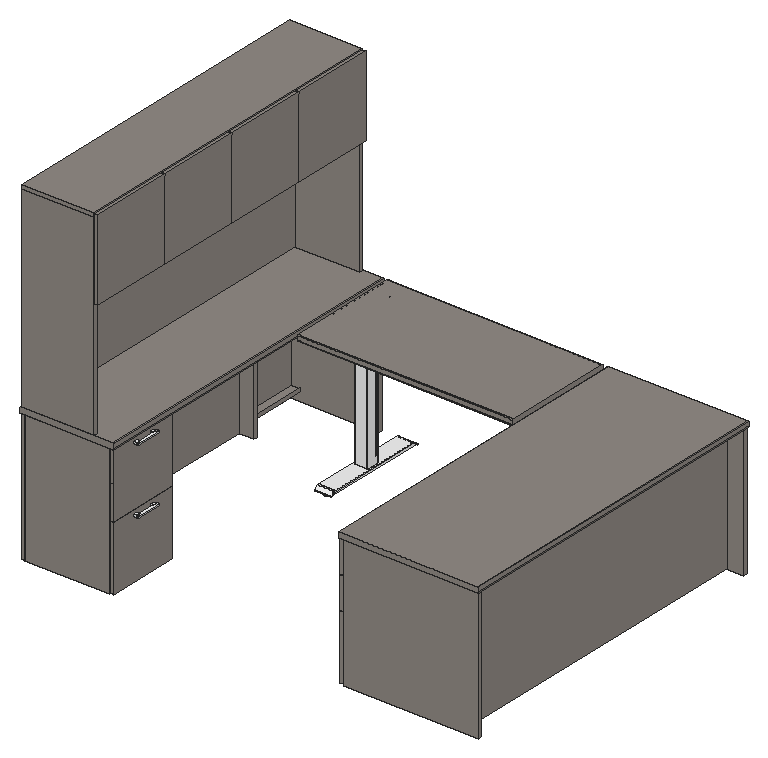
Revit family "JSI-Vision-Typical_Veneer-VST018-", category Furniture, Revit 2020
Family settings
  OmniClass Number = 23.40.20.00
  OmniClass Title = General Furniture and Specialties
  Work Plane-Based = No
  Always vertical = Yes
  Cut with Voids When Loaded = No
  Shared = No
  Room Calculation Point = No
Parameters (values of type "VST018")
  URL = "www.jsifurniture.com"
  Type Comments = "Typical Laminate"  # constant formula
  Model = "VST018"
  Manufacturer = "JSI"  # constant formula
  Keynote = "12500"
  Default Elevation = 0"
  Assembly Code = "E2020200"
Reference planes (in)
  plane 1 "Center Front/Back": y = 0
  plane 2: z = 0
  plane 3 "Center Left/Right": x = 0
Dimensions and locks (in)
  aligned and locked: level to plane 2
Nested families (in)
  nested 1: "JSI-Vision-File_File_Credenza" at (10.75, -35.93587, 0) x (0, 1, 0) z (0, 0, 1), type "VSV2072LC - Veneer 20 x 72 FF Ped Credenza Left"
    with Width 72", Height 29.187", Panel B 56 1/4"
  nested 2: "JSI-Vision-Single_Pedestal_Desk-Recessed_Modesty" at (87.24997, -36.06413, 0) x (0, -1, 0) z (0, 0, 1), type "VSV3072RDF, Veneer 30 x 72 Right Ped Desk, Recess Modesty"
    with Width 72", Panel BBF 56 1/4", LR no, Grommet angle 270.00°, Grommet 56 79/128", BBF 56 1/4"
  nested 3: "JSI-Vision-Overhead_Cabinets" at (0, -72, -0.813) x (0, 1, 0) z (0, 0, 1), type "VSV1672SO, Veneer OH Cab. 16" x 72", 4 Doors"
    with Verticall Partition Distance 35 3/4", Unit Centre 36", Width 72", Door Width Actual 17 25/32", Door Array Spacing 17 29/32", Door Width 17 25/32", # of Doors 4
  nested 4: "JSI-Vision-Adjustable_Table_Height_Bridge-Standard_Range" at (20.87997, 0, 0), type "VSV2446AHB-S - Adjustable Height Table Standard Range 46"W x 24"D"
Definition of nested family "JSI-Vision-File_File_Credenza"
  Parameters (values of type "Type Catalog")
    Worksurface = none
    Width = 60"
    URL = "www.jsifurniture.com"
    Type Comments = ""
    Tag = "FF"  # constant formula
    Series = "Vision Casegoods"  # constant formula
    Pull Finish = none
    Panel R = if(LR, Depth - 1/4", Depth - 15/16")  # 19 3/4"
    Panel L = if(LR, Depth - 15/16", Depth - 1/4")  # 19 1/16"
    Panel FF = if(LR, 15", Width - 15 3/4")  # 15"
    Model = "Type Catalog"
    Material = ""
    Manufacturer = "JSI"  # constant formula
    LR = yes
    Keynote = "12500"
    JSI Enviromental Website = "http://www.jsifurniture.com/jsi_sustainability_intro.php"
    Height = 29 3/16"
    Grommet angle = if(LR, 90.00°, 270.00°)  # 90.00°
    Grommet Finish = none
    Panel B = if(LR, Width - 15 3/4", 15")  # 44 1/4"
    Grommet = if(LR, 14 1/2", Width - 15 49/128")  # 14 1/2"
    Drawer Front = none
    Description = "Type Catalog"
    Depth chassis = Depth  # 20"
    Depth = 20"
    Default Elevation = 0"
    Chassis = none
    FF = if(LR, 3/16", Width - 15 3/4" + 1/16")  # 3/16"
    Assembly Code = "E2020200"
  Reference planes (in)
    plane 1: z = 0
    plane 2 "Center (Left/Right)": x = -36.06413
    plane 3: z = 29.1875
    plane 4: z = 28
    plane 5: y = -9.25
    plane 6 "Center (Front/Back)": y = 10.75
    plane 7: y = 10.625
    plane 8: y = 10.75
    plane 9: x = -6.06413
    plane 10: x = 23.93587
    plane 11: y = 10.56003
    plane 12: x = -20.31413
    plane 13: x = 8.18587
    plane 14: y = -8.37
    plane 15: x = 15.93587
    plane 16: x = -28.12663
    plane 17: x = 23.81086
    plane 18: x = -35.93913
    plane 19: y = 8.875
    plane 20: y = 4.875
    plane 21: y = 9.8125
    plane 22: y = -8.31113
    plane 23: x = 8.18587
    plane 24: x = -35.87663
    plane 25: x = -20.37636
    plane 26: x = 23.68487
    plane 27: x = -21.56413
    plane 28: y = 6.875
    plane 29: y = -9
    plane 30: y = -8.3125
  Forms (in)
    Extrusion 1, solid, material <- "Worksurface"
      sketch origin (0, 0, -0.8125) x (1, 0, 0) y (0, 1, 0)
        loop
          line (-36.06413, -9.125) -> (23.93587, -9.125) -> (23.93587, 10.625) -> (-36.06413, 10.625) -> (-36.06413, -9.125)
      from 28.8125 to 30
    Extrusion 2, solid, material <- "Drawer Front"
      sketch origin (-0.00163, 0.13, 0) x (1, 0, 0) y (0, 0, 1)
        loop
          line (-35.875, 27.875) -> (-35.875, 21.26593) -> (-35.875, 14.062) -> (-20.37473, 14.062) -> (-20.37473, 21.26593) -> (-20.37473, 27.875) -> (-35.875, 27.875)
        loop
          line (-35.875, 13.937) -> (-35.875, 0.14) -> (-20.37473, 0.14) -> (-20.37473, 13.937) -> (-35.875, 13.937)
      from 8.5 to 9.25
    Extrusion 3, solid, material <- "Chassis"
      sketch origin (-0.06413, 0, 0) x (0, 1, 0) y (0, 0, 1)
        loop
          line (-8.3125, 28) -> (-8.3125, 0) -> (9.81003, 0) -> (9.81003, 28) -> (-8.3125, 28)
      from -35.875 to -35.125
    Extrusion 4, solid, material <- "Chassis"
      sketch origin (-0.06413, 0.034, 0) x (1, 0, 0) y (0, 0, 1)
        loop
          line (-35.125, 1.9375) -> (-35.125, 0) -> (-21, 0) -> (-21, 1.9375) -> (-35.125, 1.9375)
      from 7.59513 to 8.34513
    Extrusion 5, solid, material <- "Chassis"
      sketch origin (-0.06029, 0, 0) x (0, 1, 0) y (0, 0, -1)
        loop
          line (-9, -28) -> (9.8125, -28) -> (9.8125, 0) -> (-9, 0) -> (-9, -28)
      from -23.87116 to -23.12116
    Sweep 6, solid, material <- "Worksurface"
      path in 3D
        loop
          line (-36.06413, -9.125, 29.1875) -> (23.93587, -9.125, 29.1875)
      profile origin (-6.06413, -9.125, 29.1875) x (0, 1, 0) y (0, 0, 1)
        loop
          arc (0, 0) -> (-0.08839, -0.03661) -> (-0.125, -0.125) r 0.125
          line (-0.125, -0.125) -> (-0.125, -1.0625)
          arc (-0.125, -1.0625) -> (-0.08839, -1.15089) -> (0, -1.1875) r 0.125
          line (0, -1.1875) -> (0, 0)
    Extrusion 7, solid, material <- "Chassis"
      sketch origin (-0.06413, 28.15516, 0) x (1, 0, 0) y (0, 0, 1)
        loop
          line (-35.875, 28) -> (-35.875, 0) -> (-20.25, 0) -> (-20.25, 28) -> (-35.875, 28)
      from 17.59513 to 18.34266
    Extrusion 8, solid, material <- "Chassis"
      sketch origin (57.45899, 0, 0) x (0, 1, 0) y (0, 0, -1)
        loop
          line (-8.31113, -28) -> (9.8125, -28) -> (9.8125, 0) -> (-8.31113, 0) -> (-8.31113, -28)
      from 77.77312 to 78.52312
    Extrusion 9, solid, material <- "Chassis"
      sketch origin (-0.06413, 28.15516, 0) x (-1, 0, 0) y (0, 0, -1)
        loop
          line (-23.875, -28) -> (-8.25, -28) -> (-8.25, 0) -> (-23.875, 0) -> (-23.875, -28)
      from 17.59513 to 18.34266
    Sweep 10, solid, material <- "Worksurface"
      path in 3D
        loop
          line (23.93587, 10.625, 29.1875) -> (-36.06413, 10.625, 29.1875)
      profile origin (-6.06413, 10.625, 29.1875) x (0, -1, 0) y (0, 0, 1)
        loop
          arc (0, 0) -> (-0.08839, -0.03661) -> (-0.125, -0.125) r 0.125
          line (-0.125, -0.125) -> (-0.125, -1.0625)
          arc (-0.125, -1.0625) -> (-0.08839, -1.15089) -> (0, -1.1875) r 0.125
          line (0, -1.1875) -> (0, 0)
    Extrusion 11, solid, material <- "Chassis"
      sketch origin (0, 0, 0) x (1, 0, 0) y (0, 0, 1)
        loop
          line (8.93587, 2.5) -> (8.93587, 1.75) -> (23.06086, 1.75) -> (23.06086, 2.5) -> (8.93587, 2.5)
      from -9.8125 to -7.9375
    Extrusion 12, solid, material <- "Chassis"
      sketch origin (0, 0, 0) x (0, 1, 0) y (0, 0, 1)
        loop
          line (9.8125, 28) -> (5.875, 28) -> (5.875, 0) -> (9.8125, 0) -> (9.8125, 28)
      from 8.18587 to 8.93587
    Extrusion 13, solid, material <- "Chassis"
      sketch origin (-12.12827, 0, 0) x (-1, 0, 0) y (0, 0, -1)
        loop
          line (8.93587, -2.5) -> (23.06086, -2.5) -> (23.06086, -1.75) -> (8.93587, -1.75) -> (8.93587, -2.5)
      from -9.8125 to -7.9375
    Extrusion 14, solid, material <- "Chassis"
      sketch origin (0, 0.03248, 0) x (1, 0, 0) y (0, 0, 1)
        loop
          line (-6.49921, 28) -> (-20.31413, 28) -> (-20.31413, 0) -> (8.18587, 0) -> (8.18587, 28) -> (-6.49921, 28)
      from -9.78002 to -9.03002
  Cuts and joins
    joined: Extrusion 1, Sweep 6, Sweep 10
  Lines and regions (in)
    sketch lines
      curve 1: line (-36.06413, -9.125, 29.1875) -> (23.93587, -9.125, 29.1875)
      curve 10: line (23.93587, 10.625, 29.1875) -> (-36.06413, 10.625, 29.1875)
    symbolic lines
      curve 2: line (23.93587, -9.25, 0) -> (-36.06413, -9.25, 0)
      curve 3: line (23.93587, -9.25, 0) -> (23.93587, 10.75, 0)
      curve 4: line (-36.06413, 10.75, 0) -> (-36.06413, -9.25, 0)
      curve 5: line (-20.31413, 10.56003, 0) -> (-35.93913, 10.56003, 0)
      curve 6: line (-20.37636, -8.37, 0) -> (-35.87663, -8.37, 0)
      curve 7: line (-20.37636, -9.12, 0) -> (-20.37636, -8.37, 0)
      curve 8: line (-35.87663, -9.12, 0) -> (-20.37636, -9.12, 0)
      curve 9: line (-35.87663, -8.37, 0) -> (-35.87663, -9.12, 0)
      curve 11: line (-36.06413, 10.75, 0) -> (23.93587, 10.75, 0)
      curve 12: line (-20.31413, -8.31113, 0) -> (-20.31413, 9.8125, 0)
      curve 13: line (-21.06413, -8.31113, 0) -> (-20.31413, -8.31113, 0)
      curve 14: line (23.81086, 10.56003, 0) -> (8.18587, 10.56003, 0)
      curve 15: line (8.18587, 10.56003, 0) -> (8.18587, 9.8125, 0)
      curve 16: line (8.18587, 9.8125, 0) -> (8.18587, 5.875, 0)
      curve 17: line (8.18587, 5.875, 0) -> (8.93587, 5.875, 0)
      curve 18: line (8.93587, 5.875, 0) -> (8.93587, 9.8125, 0)
      curve 19: line (-35.93913, -8.3125, 0) -> (-35.18913, -8.3125, 0)
      curve 20: line (-35.18913, -8.3125, 0) -> (-35.18913, 9.8125, 0)
      curve 21: line (-35.93913, 10.56003, 0) -> (-35.93913, -8.3125, 0)
      curve 22: line (23.06086, 9.8125, 0) -> (23.06086, -9, 0)
      curve 23: line (23.81086, -9, 0) -> (23.81086, 10.56003, 0)
      curve 24: line (23.06086, -9, 0) -> (23.81086, -9, 0)
      curve 25: line (-20.31413, 9.8125, 0) -> (-20.31413, 10.56003, 0)
      curve 26: line (-21.06413, 9.8125, 0) -> (-21.06413, -8.31113, 0)
      curve 27: line (23.81086, 9.8125, 0) -> (-35.93913, 9.8125, 0)
  Dimensions and locks (in)
    "Height": plane 3 to level
    locked: plane 3 to plane 4 at 1.1875
    "Depth": plane 6 "Center (Front/Back)" to plane 5
    locked: plane 7 to plane 6 "Center (Front/Back)" at 0.125
    equal spacing: plane 2 "Center (Left/Right)", plane 9, plane 10
    "Width": plane 2 "Center (Left/Right)" to plane 10
    locked: plane 8 to plane 11 at 0.18997
    "Depth chassis": plane 8 to plane 5
    locked: plane 2 "Center (Left/Right)" to plane 12 at 15.75
    locked: plane 13 to plane 10 at 15.75
    locked: Extrusion 4 to plane 14 at 0.80887
    locked: plane 14 to plane 5 at 0.88
    locked: plane 17 to plane 10 at 0.125
    locked: Extrusion 5 to Extrusion 5 at 0.75
    locked: Extrusion 3 to Extrusion 3 at 0.75
    locked: plane 19 to plane 20 at 4
    plane 22 to plane 5 = 0.93887"
    locked: plane 8 to plane 21 at 0.9375
    "Panel B": plane 2 "Center (Left/Right)" to plane 23
    locked: plane 23 to plane 15 at 7.75
    "FF": plane 2 "Center (Left/Right)" to plane 24
    locked: Extrusion 4 to Extrusion 4 at 0.75
    locked: plane 24 to plane 16 at 7.75
    locked: Extrusion 2 to Extrusion 2 at 0.75
    plane 8 to plane 20 = 5 7/8"
    Extrusion 7 to Extrusion 7 = 0.74753"
    Extrusion 8 to Extrusion 8 = 3/4"
    Extrusion 9 to Extrusion 9 = 0.74753"
    locked: plane 24 to plane 25 at 15.50027
    locked: plane 23 to plane 26 at 15.499
    plane 24 to Extrusion 4 to Extrusion 4 = 11/16" locked, 14 1/8" locked
    "Panel FF": plane 2 "Center (Left/Right)" to Extrusion 8
    locked: Extrusion 8 to Extrusion 8 at 0.75
    "Grommet": plane 2 "Center (Left/Right)" to plane 27
    equal spacing: plane 19, plane 28, plane 20
    "Panel B": plane 2 "Center (Left/Right)" to Extrusion 12
    locked: Extrusion 12 to Extrusion 12 at 3.9375
    locked: Extrusion 12 to Extrusion 12 at 0.75
    locked: Extrusion 11 to Extrusion 11 at 14.125
    locked: Extrusion 13 to Extrusion 13 at 14.125  (x2)
    locked: Extrusion 14 to Extrusion 14 at 0.75
    "Panel R": plane 29 to plane 6 "Center (Front/Back)"
    "Panel L": plane 8 to plane 30
    Extrusion 2 sketch curve to Extrusion 2 sketch curve to Extrusion 2 sketch curve to plane 1 = 1/8", 13.797", 0.14" locked
    locked: plane 4 to Extrusion 2 sketch curve at 0.125
    locked: nested 1 to plane 1 at 13.18529
    locked: plane 4 to nested 2 at 0.875
    locked: plane 3 to plane 1 at 29.1875
    aligned and locked: level to plane 1
    aligned and locked: Extrusion 3 to Extrusion 4
    aligned and locked: plane 17 to Extrusion 5
    aligned and locked: Extrusion 3 to plane 18
    aligned and locked: Extrusion 4 to plane 22
    aligned and locked: Extrusion 4 to level
    aligned and locked: nested 2 to plane 16
    aligned and locked: nested 1 to plane 16
    aligned and locked: Extrusion 7 to plane 12
    aligned and locked: plane 4 to Extrusion 7
    aligned and locked: Extrusion 7 to plane 18
    aligned and locked: plane 18 to Extrusion 3
    aligned and locked: plane 11 to Extrusion 7
    aligned and locked: plane 22 to Extrusion 4
    aligned and locked: Extrusion 8 to plane 22
    aligned and locked: Extrusion 9 to plane 13
    aligned and locked: plane 17 to Extrusion 9
    aligned and locked: Extrusion 5 to plane 17
    aligned and locked: curve 5 to Extrusion 7
    aligned and locked: Extrusion 1 to plane 7
    aligned and locked: plane 11 to Extrusion 9
    aligned and locked: curve 3 to cut or joined group of Extrusion 1, Sweep 6, Sweep 10
    aligned and locked: curve 12 to Extrusion 8
    aligned and locked: curve 13 to Extrusion 8
    aligned and locked: plane 21 to Extrusion 9
    aligned and locked: plane 21 to Extrusion 12
    aligned and locked: plane 21 to Extrusion 11
    aligned and locked: Extrusion 11 to Extrusion 5
    aligned and locked: Extrusion 13 to Extrusion 3
    aligned and locked: curve 14 to Extrusion 9
    aligned and locked: curve 15 to Extrusion 9
    aligned and locked: Extrusion 12 to curve 16
    aligned and locked: curve 17 to Extrusion 12
    aligned and locked: curve 18 to Extrusion 12
    aligned and locked: Extrusion 3 to plane 30
    aligned and locked: curve 19 to Extrusion 3
    aligned and locked: curve 20 to Extrusion 3
    aligned and locked: curve 21 to Extrusion 3
    aligned and locked: Extrusion 5 to plane 29
    aligned and locked: curve 22 to Extrusion 5
    aligned and locked: curve 23 to Extrusion 5
    aligned and locked: curve 24 to Extrusion 5
    aligned and locked: curve 25 to Extrusion 7
    aligned and locked: plane 21 to Extrusion 8
    aligned and locked: plane 21 to Extrusion 5
    aligned and locked: Extrusion 7 to plane 21
    aligned and locked: curve 26 to Extrusion 8
    aligned and locked: nested 3 to plane 16
    aligned and locked: nested 3 to plane 5
    aligned and locked: curve 27 to Extrusion 14
    aligned and locked: plane 14 to Extrusion 2
    aligned and locked: Extrusion 2 to plane 14
    aligned and locked: Extrusion 2 to nested 1
    aligned and locked: Extrusion 2 to nested 2
  Automatic sketch dimensions
    Extrusion 1 sketch curve to plane 2 "Center (Left/Right)" = 0"
    Extrusion 1 sketch curve to plane 10 = 0"
    plane 7 to Extrusion 1 sketch curve = 0"
    plane 5 to Extrusion 1 sketch curve = 1/8"
    Extrusion 2 sketch curve to plane 24 = 0"  (x2)
    Extrusion 2 sketch curve to plane 25 = 0"  (x2)
    Extrusion 2 sketch curve to plane 4 = 6.73407"  (x2)
    Extrusion 3 sketch curve to plane 4 = 0"
    Extrusion 3 sketch curve to plane 22 = 0.00137"
    Extrusion 3 sketch curve to level = 0"
    Extrusion 3 sketch curve to plane 21 = 0.00247"
    Extrusion 4 sketch curve to level = 0"
    plane 27 to Extrusion 4 sketch curve = 13 5/8"
    Extrusion 4 sketch curve to plane 25 = 0.68777"
    level to Extrusion 4 sketch curve = 1 15/16"
    Extrusion 5 sketch curve to plane 4 = 0"
    Extrusion 5 sketch curve to plane 22 = 0.68887"
    Extrusion 5 sketch curve to level = 0"
    Extrusion 5 sketch curve to plane 21 = 0"
    Sweep 6 sketch curve to profile plane = 0"  (x2)
    profile plane to Sweep 6 sketch curve = 1/8"
    Sweep 6 sketch curve to Sweep 6 sketch curve = 15/16"
    Extrusion 7 sketch curve to level = 0"
    plane 18 to Extrusion 7 sketch curve = 0"
    plane 12 to Extrusion 7 sketch curve = 0"
    Extrusion 7 sketch curve to plane 4 = 0"
    Extrusion 8 sketch curve to plane 22 = 0"
    Extrusion 8 sketch curve to level = 0"
    Extrusion 8 sketch curve to plane 21 = 0"
    Extrusion 9 sketch curve to level = 0"
    Extrusion 9 sketch curve to plane 17 = 0"
    Extrusion 9 sketch curve to plane 13 = 0"
    Extrusion 9 sketch curve to plane 4 = 0"
    Sweep 10 sketch curve to profile plane = 0"  (x2)
    profile plane to Sweep 10 sketch curve = 1/8"
    Sweep 10 sketch curve to Sweep 10 sketch curve = 15/16"
    Extrusion 11 sketch curve to plane 27 = 30 1/2"
    plane 25 to Extrusion 11 sketch curve = 43.43723"
    level to Extrusion 11 sketch curve = 1 3/4"
    Extrusion 11 sketch curve to Extrusion 11 sketch curve = 3/4"
    Extrusion 12 sketch curve to level = 0"
    Extrusion 12 sketch curve to plane 21 = 0"
    Extrusion 12 sketch curve to plane 28 = 1"
    plane 4 to Extrusion 12 sketch curve = 0"
    Extrusion 13 sketch curve to plane 23 = 29 1/4"
    Extrusion 13 sketch curve to plane 18 = 3/4"
    level to Extrusion 13 sketch curve = 2 1/2"
    Extrusion 13 sketch curve to Extrusion 13 sketch curve = 3/4"
    Extrusion 14 sketch curve to level = 0"
    Extrusion 14 sketch curve to plane 4 = 0"
    Extrusion 14 sketch curve to plane 13 = 0"
    plane 9 to Extrusion 14 sketch curve = 0.43507"
    plane 12 to Extrusion 14 sketch curve = 0"
    curve 2 to plane 2 "Center (Left/Right)" = 0"
    curve 27 to plane 18 = 0"
    curve 9 to plane 14 = 0"
    curve 9 to plane 24 = 0"
    curve 20 to plane 30 = 0"
    curve 26 to plane 22 = 0"
    curve 7 to plane 25 = 0"
    curve 5 to plane 11 = 0"
    curve 5 to plane 12 = 0"
    curve 16 to plane 23 = 0"
    curve 15 to plane 11 = 0"
    curve 15 to plane 13 = 0"
    curve 24 to plane 29 = 0"
    curve 24 to plane 17 = 0"
    curve 2 to plane 5 = 0"
    plane 6 "Center (Front/Back)" to curve 11 = 0"
    plane 24 to curve 20 = 11/16"
    curve 26 to plane 27 = 1/2"
    plane 12 to curve 13 = 0"
    plane 13 to curve 17 = 3/4"
    curve 24 to plane 26 = 0.624"
    curve 8 to plane 29 = 0.12"
    curve 17 to plane 28 = 1"
    curve 25 to plane 21 = 0"
    Extrusion 8 sketch curve to plane 4 = 0"
  Nested families (in)
    nested 1: "Bar Pull" at (-28.12663, -9.12, 13.18529), Pull Finish <- "Pull Finish", type "PL"
      with Pull Finish none
    nested 2: "Bar Pull" at (-28.12663, -9.12, 27.125), Pull Finish <- "Pull Finish", type "PL"
      with Pull Finish none
    nested 3: "Label 1-16-FF" at (-28.12663, -9.25, 0), type "DRWCFG"
  Definition of nested family "Bar Pull"
    Parameters
      Pull Finish [instance] = none
      Default Elevation = 0"
    Reference planes (in)
      plane 1 "Center Front/Back": y = 0
      plane 2: z = 0
      plane 3 "Center Left/Right": x = 0
      plane 4: x = -2.68731
      plane 5: x = -1.88731
      plane 6: x = 2.68731
      plane 7: x = 1.88731
      plane 8: y = -1
      plane 9: y = -0.85202
    Forms (in)
      Extrusion 1, solid, material <- "Pull Finish"
        sketch origin (0, 0, 0) x (0, 1, 0) y (0, 0, 1)
          loop
            line (0, -0.2015) -> (0, 0.2015) -> (-0.85202, 0.2015)
            arc (-0.85202, 0.2015) -> (-0.75, 0) -> (-0.85202, -0.2015) r 0.25
            line (-0.85202, -0.2015) -> (0, -0.2015)
        from 1.88731 to 2.68731
      Extrusion 2, solid, material <- "Pull Finish"
        sketch origin (0, 0, 0) x (0, 1, 0) y (0, 0, 1)
          loop
            circle (-1, 0) r 0.25
        from -2.68731 to 2.68731
      Extrusion 3, solid, material <- "Pull Finish"
        sketch origin (0, 0, 0) x (0, 1, 0) y (0, 0, -1)
          loop
            line (0, 0.2015) -> (-0.85202, 0.2015)
            arc (-0.85202, 0.2015) -> (-0.75, 0) -> (-0.85202, -0.2015) r 0.25
            line (-0.85202, -0.2015) -> (0, -0.2015) -> (0, 0.2015)
        from 1.88731 to 2.68731
    Dimensions and locks (in)
      plane 4 to plane 5 to plane 3 "Center Left/Right" to plane 7 to plane 6 = 0.8" locked, 1.88731" locked, 1.88731" locked, 0.8" locked
      plane 8 to plane 9 to plane 1 "Center Front/Back" = 0.14798" locked, 0.85202" locked
      aligned and locked: level to plane 2
      aligned and locked: plane 4 to Extrusion 3
      aligned and locked: Extrusion 3 to plane 5
      aligned and locked: plane 4 to Extrusion 2
      aligned and locked: Extrusion 1 to plane 7
      aligned and locked: plane 6 to Extrusion 1
      aligned and locked: plane 6 to Extrusion 2
      aligned and locked: plane 8 to Extrusion 2 sketch curve
      aligned and locked: Extrusion 3 to plane 1 "Center Front/Back"
      aligned and locked: Extrusion 1 to plane 1 "Center Front/Back"
      aligned and locked: plane 5 to Extrusion 3
      aligned and locked: Extrusion 3 to plane 4
      aligned and locked: Extrusion 2 to plane 4
      aligned and locked: plane 7 to Extrusion 1
      aligned and locked: Extrusion 1 to plane 6
      aligned and locked: Extrusion 2 to plane 6
  Definition of nested family "Label 1-16-FF"
    Parameters
      Width = 1"
      Model Name = "FF"
    Reference planes (in)
      plane 1: y = 0
      plane 2: x = 0
    Text (in)
      label "XX" at (0.00051, -0.12324, 0), shows "Model Name"
Definition of nested family "JSI-Vision-Single_Pedestal_Desk-Recessed_Modesty"
  Parameters (values of type "Type Catalog")
    Worksurface = none
    Width = 66"
    URL = "www.jsifurniture.com"
    Type Comments = ""
    Tag = "BBF"  # constant formula
    Series = "Vision Casegoods"  # constant formula
    Pull Finish = none
    Panel BBF = if(LR, 15", Width - 15 3/4")  # 15"
    Model = "Type Catalog"
    Material = ""
    Manufacturer = "JSI"  # constant formula
    LR = yes
    Keynote = "12500"
    JSI Enviromental Website = "http://www.jsifurniture.com/jsi_sustainability_intro.php"
    Height = 29.187"
    Grommet angle = if(LR, 90.00°, 270.00°)  # 90.00°
    Grommet Finish = none
    Grommet = if(LR, 14 1/2", Width - 15 49/128")  # 14 1/2"
    Drawer Front = none
    Description = "Type Catalog"
    Depth chassis = 30"
    Depth = 30"
    Default Elevation = 0"
    Chassis = none
    BBF = if(LR, 3/16", Width - 15 3/4")  # 3/16"
    Assembly Code = "E2020200"
  Reference planes (in)
    plane 1: z = 0
    plane 2 "Center (Left/Right)": x = -36.06413
    plane 3: z = 29.187
    plane 4: z = 27.9995
    plane 5: y = -19.25
    plane 6 "Center (Front/Back)": y = 10.75
    plane 7: y = 10.75
    plane 8: x = -3.06413
    plane 9: x = 29.93587
    plane 10: y = 10.56003
    plane 11: x = -20.31413
    plane 12: x = 14.18587
    plane 13: y = -18.37
    plane 14: x = -13.31413
    plane 15: x = -28.12663
    plane 16: x = 29.81086
    plane 17: x = -35.93913
    plane 18: y = 3.55952
    plane 19: y = -0.44048
    plane 20: y = 6.81003
    plane 21: y = -18.31113
    plane 22: x = -21.06413
    plane 23: x = -35.87663
    plane 24: x = -20.37636
    plane 25: x = -5.56513
    plane 26: x = -21.56413
    plane 27: y = 1.55952
  Forms (in)
    Extrusion 1, solid, material <- "Worksurface"
      sketch origin (0, 0, -0.813) x (1, 0, 0) y (0, 1, 0)
        loop
          line (-36.06413, -19.125) -> (29.93587, -19.125) -> (29.93587, 10.625) -> (-36.06413, 10.625) -> (-36.06413, -19.125)
      from 28.8125 to 30
    Extrusion 2, solid, material <- "Chassis"
      sketch origin (0, 3.75, 0) x (1, 0, 0) y (0, 1, 0)
        loop
          line (-35.18913, 3.06003) -> (-35.18913, 2.31003) -> (29.06086, 2.31003) -> (29.06086, 3.06003) -> (-35.18913, 3.06003)
      from 0 to 27.9995
    Extrusion 3, solid, material <- "Drawer Front"
      sketch origin (-0.00163, 0.13, 0) x (1, 0, 0) y (0, 0, 1)
        loop
          line (-35.875, 27.89042) -> (-35.875, 21.04768) -> (-20.37473, 21.04768) -> (-20.37473, 27.89042) -> (-35.875, 27.89042)
        loop
          line (-35.875, 20.92218) -> (-35.875, 14.07843) -> (-20.37473, 14.07843) -> (-20.37473, 20.92218) -> (-35.875, 20.92218)
        loop
          line (-35.875, 13.95343) -> (-35.875, 0.14093) -> (-20.37473, 0.14093) -> (-20.37473, 13.95343) -> (-35.875, 13.95343)
      from 18.5 to 19.25
    Extrusion 4, solid, material <- "Chassis"
      sketch origin (-0.06413, 0, 0) x (0, 1, 0) y (0, 0, 1)
        loop
          line (-18.31113, 27.9995) -> (-18.31113, 0) -> (10.56003, 0) -> (10.56003, 27.9995) -> (3.44695, 27.9995) -> (-18.31113, 27.9995)
      from -35.875 to -35.125
    Extrusion 5, solid, material <- "Chassis"
      sketch origin (-0.06413, 0.034, 0) x (1, 0, 0) y (0, 0, 1)
        loop
          line (-35.125, 1.9375) -> (-35.125, 0) -> (-21, 0) -> (-21, 1.9375) -> (-35.125, 1.9375)
      from 17.59513 to 18.34513
    Extrusion 6, solid, material <- "Chassis"
      sketch origin (-0.06029, 0, 0) x (0, 1, 0) y (0, 0, -1)
        loop
          line (-18.31113, -27.9995) -> (3.74172, -27.9995) -> (10.56003, -27.9995) -> (10.56003, 0) -> (-18.31113, 0) -> (-18.31113, -27.9995)
      from -29.87116 to -29.12116
    Sweep 7, solid, material <- "Worksurface"
      path in 3D
        loop
          line (-36.06413, -19.125, 29.187) -> (29.93587, -19.125, 29.187)
      profile origin (-3.06413, -19.125, 29.187) x (0, 1, 0) y (0, 0, 1)
        loop
          arc (0, 0) -> (-0.08839, -0.03661) -> (-0.125, -0.125) r 0.125
          line (-0.125, -0.125) -> (-0.125, -1.0625)
          arc (-0.125, -1.0625) -> (-0.08839, -1.15089) -> (0, -1.1875) r 0.125
          line (0, -1.1875) -> (0, 0)
    Extrusion 8, solid, material <- "Chassis"
      sketch origin (57.45899, 0, 0) x (0, 1, 0) y (0, 0, -1)
        loop
          line (-18.31113, -27.9995) -> (3.98759, -27.9995) -> (6.06003, -27.9995) -> (6.06003, 0) -> (-18.31113, 0) -> (-18.31113, -27.9995)
      from 77.77312 to 78.52312
    Sweep 9, solid, material <- "Worksurface"
      path in 3D
        loop
          line (29.93587, 10.625, 29.187) -> (-36.06413, 10.625, 29.187)
      profile origin (-3.06413, 10.625, 29.187) x (0, -1, 0) y (0, 0, 1)
        loop
          arc (0, 0) -> (-0.08839, -0.03661) -> (-0.125, -0.125) r 0.125
          line (-0.125, -0.125) -> (-0.125, -1.0625)
          arc (-0.125, -1.0625) -> (-0.08839, -1.15089) -> (0, -1.1875) r 0.125
          line (0, -1.1875) -> (0, 0)
  Cuts and joins
    joined: Extrusion 1, Sweep 7, Sweep 9
  Lines and regions (in)
    sketch lines
      curve 1: line (-36.06413, -19.125, 29.187) -> (29.93587, -19.125, 29.187)
      curve 10: line (29.93587, 10.625, 29.187) -> (-36.06413, 10.625, 29.187)
    symbolic lines
      curve 2: line (29.93587, -19.25, 0) -> (-36.06413, -19.25, 0)
      curve 3: line (29.93587, -19.25, 0) -> (29.93587, 10.75, 0)
      curve 4: line (-36.06413, 10.75, 0) -> (-36.06413, -19.25, 0)
      curve 5: line (-20.37636, -18.37, 0) -> (-35.87663, -18.37, 0)
      curve 6: line (-20.37636, -19.12, 0) -> (-20.37636, -18.37, 0)
      curve 7: line (-35.87663, -19.12, 0) -> (-20.37636, -19.12, 0)
      curve 8: line (-35.87663, -18.37, 0) -> (-35.87663, -19.12, 0)
      curve 9: line (-35.93913, 10.56003, 0) -> (-35.93913, -18.31113, 0)
      curve 11: line (29.81086, -18.31113, 0) -> (29.81086, 10.56003, 0)
      curve 12: line (-20.31413, -18.31113, 0) -> (-20.31413, 6.06003, 0)
      curve 13: line (-21.06413, 6.06003, 0) -> (-21.06413, -18.31113, 0)
      curve 14: line (-21.06413, -18.31113, 0) -> (-20.31413, -18.31113, 0)
      curve 15: line (-35.93913, 10.56003, 0) -> (-35.18913, 10.56003, 0)
      curve 16: line (-35.18913, -18.31113, 0) -> (-35.18913, 10.56003, 0)
      curve 17: line (-35.93913, -18.31113, 0) -> (-35.18913, -18.31113, 0)
      curve 18: line (29.06086, 6.81003, 0) -> (-35.18913, 6.81003, 0)
      curve 19: line (-35.18913, 6.06003, 0) -> (29.06086, 6.06003, 0)
      curve 20: line (29.06086, 10.56003, 0) -> (29.06086, -18.31113, 0)
      curve 21: line (29.81086, 10.56003, 0) -> (29.06086, 10.56003, 0)
      curve 22: line (29.06086, -18.31113, 0) -> (29.81086, -18.31113, 0)
      curve 23: line (-36.06413, 10.75, 0) -> (29.93587, 10.75, 0)
  Dimensions and locks (in)
    "Height": plane 3 to level
    locked: plane 3 to plane 4 at 1.1875
    "Depth": plane 6 "Center (Front/Back)" to plane 5
    equal spacing: plane 2 "Center (Left/Right)", plane 8, plane 9
    "Width": plane 2 "Center (Left/Right)" to plane 9
    locked: plane 7 to plane 10 at 0.18997
    locked: plane 2 "Center (Left/Right)" to plane 11 at 15.75
    locked: plane 12 to plane 9 at 15.75
    locked: Extrusion 5 to plane 13 at 0.80887
    locked: plane 13 to plane 5 at 0.88
    locked: plane 16 to plane 9 at 0.125
    locked: Extrusion 6 to Extrusion 6 at 0.75
    locked: Extrusion 4 to Extrusion 4 at 0.75
    locked: Extrusion 2 to Extrusion 2 at 0.75
    plane 21 to plane 5 = 0.93887"
    locked: plane 22 to plane 14 at 7.75
    "BBF": plane 2 "Center (Left/Right)" to plane 23
    locked: Extrusion 5 to Extrusion 5 at 0.75
    locked: plane 23 to plane 15 at 7.75
    locked: Extrusion 3 to Extrusion 3 at 0.75
    Extrusion 8 to Extrusion 8 = 3/4"
    locked: plane 23 to plane 24 at 15.50027
    locked: plane 22 to plane 25 at 15.499
    plane 23 to Extrusion 5 to Extrusion 5 = 11/16" locked, 14 1/8" locked
    "Panel BBF": plane 2 "Center (Left/Right)" to Extrusion 8
    locked: Extrusion 8 to Extrusion 8 at 0.75
    "Grommet": plane 2 "Center (Left/Right)" to plane 26
    equal spacing: plane 18, plane 27, plane 19
    plane 7 to plane 20 to plane 18 to plane 19 = 3.93997" locked, 3.25051" locked, 4" locked
    aligned and locked: level to plane 1
    aligned and locked: curve 4 to Extrusion 1
    aligned and locked: Extrusion 4 to Extrusion 5
    aligned and locked: Extrusion 2 to Extrusion 5
    aligned and locked: Extrusion 2 to Extrusion 6  (x2)
    aligned and locked: plane 16 to Extrusion 6
    aligned and locked: Extrusion 4 to plane 17
    aligned and locked: plane 20 to Extrusion 2
    aligned and locked: plane 13 to Extrusion 3
    aligned and locked: Extrusion 6 to plane 21
    aligned and locked: Extrusion 5 to plane 21
    aligned and locked: Extrusion 4 to plane 21
    aligned and locked: Extrusion 5 to level
    aligned and locked: nested 3 to plane 15
    aligned and locked: nested 2 to plane 15
    aligned and locked: nested 1 to plane 15
    aligned and locked: Extrusion 3 to nested 3
    aligned and locked: Extrusion 3 to nested 2
    aligned and locked: Extrusion 3 to nested 1
    aligned and locked: Extrusion 3 to plane 23  (x3)
    aligned and locked: plane 17 to Extrusion 4
    aligned and locked: plane 21 to Extrusion 5
    aligned and locked: Extrusion 8 to plane 21
    aligned and locked: Extrusion 6 to plane 16
    aligned and locked: plane 24 to Extrusion 3  (x3)
    aligned and locked: curve 5 to Extrusion 3
    aligned and locked: curve 6 to Extrusion 3
    aligned and locked: curve 7 to Extrusion 3
    aligned and locked: curve 8 to Extrusion 3
    aligned and locked: Extrusion 4 to curve 9
    aligned and locked: curve 11 to Extrusion 6
    aligned and locked: Extrusion 2 to Extrusion 4
    aligned and locked: Extrusion 8 to Extrusion 2
    aligned and locked: curve 12 to Extrusion 8
    aligned and locked: curve 13 to Extrusion 8
    aligned and locked: curve 14 to Extrusion 8
    aligned and locked: curve 16 to Extrusion 4
    aligned and locked: curve 17 to Extrusion 4
    aligned and locked: curve 18 to Extrusion 2
    aligned and locked: curve 19 to Extrusion 2
    aligned and locked: curve 20 to Extrusion 6
    aligned and locked: curve 21 to Extrusion 6
    aligned and locked: curve 22 to Extrusion 6
    aligned and locked: curve 3 to cut or joined group of Extrusion 1, Sweep 7, Sweep 9
    aligned and locked: curve 4 to cut or joined group of Extrusion 1, Sweep 7, Sweep 9
    aligned and locked: curve 23 to cut or joined group of Extrusion 1, Sweep 7, Sweep 9
    aligned and locked: nested 4 to plane 5
    aligned and locked: nested 4 to plane 15
    aligned and locked: plane 10 to Extrusion 4  (x2)
    aligned and locked: plane 10 to Extrusion 6  (x2)
    aligned and locked: curve 15 to Extrusion 4
  Automatic sketch dimensions
    plane 11 to Extrusion 2 sketch curve = 14 7/8"
    plane 12 to Extrusion 2 sketch curve = 14 7/8"
    Extrusion 2 sketch curve to plane 20 = 0"
    plane 18 to Extrusion 2 sketch curve = 2.50051"
    Extrusion 3 sketch curve to plane 23 = 0"  (x3)
    plane 11 to Extrusion 3 sketch curve = 0.06223"  (x3)
    level to Extrusion 3 sketch curve = 0.14093"
    Extrusion 3 sketch curve to Extrusion 3 sketch curve = 13 13/16"
    Extrusion 3 sketch curve to Extrusion 3 sketch curve = 1/8"
    Extrusion 3 sketch curve to Extrusion 3 sketch curve = 6 27/32"
    Extrusion 3 sketch curve to Extrusion 3 sketch curve = 0.1255"
    Extrusion 3 sketch curve to plane 4 = 0.10907"
    plane 4 to Extrusion 4 sketch curve = 0"
    Extrusion 4 sketch curve to plane 21 = 0"
    Extrusion 4 sketch curve to level = 0"
    Extrusion 4 sketch curve to plane 10 = 0"
    Extrusion 5 sketch curve to level = 0"
    plane 23 to Extrusion 5 sketch curve = 11/16"
    plane 11 to Extrusion 5 sketch curve = 3/4"
    level to Extrusion 5 sketch curve = 1 15/16"
    Extrusion 6 sketch curve to plane 4 = 0"
    Extrusion 6 sketch curve to plane 21 = 0"
    Extrusion 6 sketch curve to level = 0"
    Extrusion 6 sketch curve to plane 10 = 0"
    Sweep 7 sketch curve to profile plane = 0"  (x2)
    profile plane to Sweep 7 sketch curve = 1/8"
    Sweep 7 sketch curve to Sweep 7 sketch curve = 15/16"
    Extrusion 8 sketch curve to plane 4 = 0"
    Extrusion 8 sketch curve to plane 21 = 0"
    Extrusion 8 sketch curve to level = 0"
    Extrusion 8 sketch curve to plane 10 = 4 1/2"
    Extrusion 1 sketch curve to plane 2 "Center (Left/Right)" = 0"
    Extrusion 1 sketch curve to plane 9 = 0"
    plane 5 to Extrusion 1 sketch curve = 1/8"
    Sweep 9 sketch curve to Sweep 9 sketch curve = 15/16"
    Sweep 9 sketch curve to profile plane = 1/8"
    Sweep 9 sketch curve to profile plane = 0"  (x2)
    curve 2 to plane 2 "Center (Left/Right)" = 0"
    curve 9 to plane 17 = 0"
    curve 5 to plane 13 = 0"
    curve 5 to plane 23 = 0"
    curve 17 to plane 21 = 0"
    curve 18 to plane 20 = 0"
    curve 14 to plane 21 = 0"
    curve 7 to plane 24 = 0"
    plane 11 to curve 14 = 0"
    curve 22 to plane 21 = 0"
    curve 22 to plane 16 = 0"
    curve 2 to plane 5 = 0"
    plane 23 to curve 17 = 11/16"
    plane 22 to curve 14 = 0"
    curve 20 to curve 11 = 3/4"
    plane 5 to curve 7 = 0.13"
    curve 19 to curve 18 = 3/4"
    curve 11 to plane 10 = 0"
    plane 10 to Extrusion 1 sketch curve = 0.06497"
    Extrusion 4 sketch curve to plane 18 = 0.11258"
    plane 18 to Extrusion 8 sketch curve = 0.42807"
    plane 18 to Extrusion 6 sketch curve = 0.1822"
  Nested families (in)
    nested 1: "Bar Pull" at (-28.12663, -19.12, 13.20292), Pull Finish <- "Pull Finish", type "PL"
      with Pull Finish none
    nested 2: "Bar Pull" at (-28.12663, -19.12, 20.171), Pull Finish <- "Pull Finish", type "PL"
      with Pull Finish none
    nested 3: "Bar Pull" at (-28.12663, -19.12, 27.14116), Pull Finish <- "Pull Finish", type "PL"
      with Pull Finish none
    nested 4: "Label 1-16-1" at (-28.12663, -19.25, 0), type "DRWCFG"
  Definition of nested family "Bar Pull"
    Parameters
      Pull Finish [instance] = none
      Default Elevation = 0"
    Reference planes (in)
      plane 1 "Center Front/Back": y = 0
      plane 2: z = 0
      plane 3 "Center Left/Right": x = 0
      plane 4: x = -2.68731
      plane 5: x = -1.88731
      plane 6: x = 2.68731
      plane 7: x = 1.88731
      plane 8: y = -1
      plane 9: y = -0.85202
    Forms (in)
      Extrusion 1, solid, material <- "Pull Finish"
        sketch origin (0, 0, 0) x (0, 1, 0) y (0, 0, 1)
          loop
            line (0, -0.2015) -> (0, 0.2015) -> (-0.85202, 0.2015)
            arc (-0.85202, 0.2015) -> (-0.75, 0) -> (-0.85202, -0.2015) r 0.25
            line (-0.85202, -0.2015) -> (0, -0.2015)
        from 1.88731 to 2.68731
      Extrusion 2, solid, material <- "Pull Finish"
        sketch origin (0, 0, 0) x (0, 1, 0) y (0, 0, 1)
          loop
            circle (-1, 0) r 0.25
        from -2.68731 to 2.68731
      Extrusion 3, solid, material <- "Pull Finish"
        sketch origin (0, 0, 0) x (0, 1, 0) y (0, 0, -1)
          loop
            line (0, 0.2015) -> (-0.85202, 0.2015)
            arc (-0.85202, 0.2015) -> (-0.75, 0) -> (-0.85202, -0.2015) r 0.25
            line (-0.85202, -0.2015) -> (0, -0.2015) -> (0, 0.2015)
        from 1.88731 to 2.68731
    Dimensions and locks (in)
      plane 4 to plane 5 to plane 3 "Center Left/Right" to plane 7 to plane 6 = 0.8" locked, 1.88731" locked, 1.88731" locked, 0.8" locked
      plane 8 to plane 9 to plane 1 "Center Front/Back" = 0.14798" locked, 0.85202" locked
      aligned and locked: level to plane 2
      aligned and locked: plane 4 to Extrusion 3
      aligned and locked: Extrusion 3 to plane 5
      aligned and locked: plane 4 to Extrusion 2
      aligned and locked: Extrusion 1 to plane 7
      aligned and locked: plane 6 to Extrusion 1
      aligned and locked: plane 6 to Extrusion 2
      aligned and locked: plane 8 to Extrusion 2 sketch curve
      aligned and locked: Extrusion 3 to plane 1 "Center Front/Back"
      aligned and locked: Extrusion 1 to plane 1 "Center Front/Back"
      aligned and locked: plane 5 to Extrusion 3
      aligned and locked: Extrusion 3 to plane 4
      aligned and locked: Extrusion 2 to plane 4
      aligned and locked: plane 7 to Extrusion 1
      aligned and locked: Extrusion 1 to plane 6
      aligned and locked: Extrusion 2 to plane 6
  Definition of nested family "Label 1-16-1"
    Parameters
      Width = 1"
      Model Name = "BBF"
    Reference planes (in)
      plane 1: y = 0
      plane 2: x = 0
    Text (in)
      label "XX" at (0.00051, -0.12324, 0), shows "Model Name"
Definition of nested family "JSI-Vision-Overhead_Cabinets"
  Parameters (values of type "Overhead Cab. Doors - Type Catalog Family")
    Verticall Partition Distance = (Door Width * 2) + 3/16"  # 29 13/16"
    Unit Centre = Width / 2  # 45"
    Top = none
    Width = 90"
    URL = "www.jsifurniture.com"
    Type Comments = ""
    Tag = "6 Doors"
    Series = "Vision Casegoods"  # constant formula
    Right Vertical Partition = yes
    Overhead Height = 26 1/2"
    OH Elevation = 30"
    Model = "Type Catalog"
    Material = ""
    Manufacturer = "JSI"  # constant formula
    Left Vertical Partition = yes
    Keynote = "12500"  # constant formula
    JSI Enviromental Website = "http://www.jsifurniture.com/jsi_sustainability_intro.php"
    Height = 42"
    Grommet Finish = none
    Gromett Height = OH Elevation + 24 5/8"  # 54 5/8"
    Door Width Actual = if(# of Doors > 4, ((Width - 1 1/8") / # of Doors), if(# of Doors > 3, (((Width - 1 1/8") / # of Doors) + 1/16"), if(# of Doors > 2, (((Width - 1 1/8") / # of Doors) + 1/8"), (((Width - 1 1/8") / # of Doors) + 1/4"))))  # 14 13/16"
    Door Array Spacing = Door Width + 1/8"  # 14 15/16"
    Door Width = Door Width Actual  # 14 13/16"
    Door Front = none
    Description = "Type Catalog"
    Depth = 16"
    Default Elevation = 0"
    Chassis = none
    Assembly Code = "E2020200"
    # of Doors = if(Width > 89", 6, (if(Width > 53", 4, (if(Width > 41", 3, (if(Width > 30", 2, 2)))))))  # 6
  Reference planes (in)
    plane 1 "Center Front/Back": y = 0
    plane 2: z = 0
    plane 3 "Center Left/Right": x = 0
    plane 4 "a": z = 0
    plane 5: y = -0.125
    plane 6: x = 90
    plane 7: x = 0.125
    plane 8: x = 89.875
    plane 9: y = -15.5625
    plane 10: y = -16
    plane 11: z = 72.5
    plane 12: z = 72
    plane 13: x = 0.875
    plane 14: x = 89.125
    plane 15: y = -0.875
    plane 16: y = -0.9375
    plane 17: y = -1.6875
    plane 18: z = 71.75
    plane 19: z = 56.5
    plane 20: z = 57.25
    plane 21: z = 55
    plane 22: y = -14.8125
    plane 23: y = -14.0625
    plane 24: x = 0.25
    plane 25: x = 89.75
    plane 26: z = 72.4375
    plane 27: z = 55.1875
    plane 28: y = -15.6875
    plane 29: y = -16.4375
    plane 30: x = 45
    plane 31: x = 30.0625
    plane 32: x = 59.9375
    plane 33: x = 29.6875
    plane 34: x = 30.4375
    plane 35: x = 59.5625
    plane 36: x = 60.3125
    plane 37 "Not a Reference": x = 6.875
    plane 38: x = 83.125
    plane 39: z = 30
  Forms (in)
    Extrusion 1, solid, material <- "Chassis"
      sketch origin (0, 0, 0) x (1, 0, 0) y (0, 1, 0)
        loop
          line (0.125, -0.125) -> (0.125, -15.5625) -> (0.875, -15.5625) -> (0.875, -0.125) -> (0.125, -0.125)
      from 30 to 71.75
    Extrusion 2, solid, material <- "Chassis"
      sketch origin (0, 0, 0) x (1, 0, 0) y (0, 1, 0)
        loop
          line (89.875, -0.125) -> (89.125, -0.125) -> (89.125, -15.5625) -> (89.875, -15.5625) -> (89.875, -0.125)
      from 30 to 71.75
    Extrusion 3, solid, material <- "Door Front"
      sketch origin (0, 0, 0) x (1, 0, 0) y (0, 0, 1)
        loop
          line (0.125, 72.5) -> (0.125, 71.75) -> (89.875, 71.75) -> (89.875, 72.5) -> (0.125, 72.5)
      from 0.125 to 15.5625
    Extrusion 4, solid, material <- "Chassis"
      sketch origin (0, 0, 0) x (1, 0, 0) y (0, 0, 1)
        loop
          line (0.875, 57.25) -> (0.875, 56.5) -> (89.125, 56.5) -> (89.125, 57.25) -> (0.875, 57.25)
      from 1.6875 to 15.5625
    Extrusion 5, solid, material <- "Chassis"
      sketch origin (0, 0, 0) x (1, 0, 0) y (0, 1, 0)
        loop
          line (0.875, -14.0625) -> (0.875, -14.8125) -> (89.125, -14.8125) -> (89.125, -14.0625) -> (0.875, -14.0625)
      from 55 to 56.5
    Extrusion 6, solid, material <- "Door Front"
      sketch origin (-3, 0, 18) x (1, 0, 0) y (0, 1, 0)
        loop
          line (3.25, -15.6875) -> (3.25, -16.4375) -> (18.0625, -16.4375) -> (18.0625, -15.6875) -> (3.25, -15.6875)
      from 37.1875 to 54.4375
    Extrusion 7, solid, material <- "Door Front"
      sketch origin (11.9375, 0, 18) x (1, 0, 0) y (0, 1, 0)
        loop
          line (3.25, -15.6875) -> (3.25, -16.4375) -> (18.0625, -16.4375) -> (18.0625, -15.6875) -> (3.25, -15.6875)
      from 37.1875 to 54.4375
    Extrusion 8, solid, material <- "Chassis", visible <- "Left Vertical Partition"
      sketch origin (0, 0, 0) x (1, 0, 0) y (0, 1, 0)
        loop
          line (29.6875, -1.6875) -> (29.6875, -15.5625) -> (30.4375, -15.5625) -> (30.4375, -1.6875) -> (29.6875, -1.6875)
      from 57.25 to 71.75
    Extrusion 9, solid, material <- "Chassis", visible <- "Right Vertical Partition"
      sketch origin (0, 0, 0) x (1, 0, 0) y (0, 1, 0)
        loop
          line (59.5625, -1.6875) -> (59.5625, -15.5625) -> (60.3125, -15.5625) -> (60.3125, -1.6875) -> (59.5625, -1.6875)
      from 57.25 to 71.75
    Extrusion 10, solid, material <- "Chassis"
      sketch origin (130.61992, -0.9375, 48) x (1, 0, 0) y (0, 0, 1)
        loop
          line (-129.74492, 23.75) -> (-129.74492, -18) -> (-41.49492, -18) -> (-41.49492, 23.75) -> (-129.74492, 23.75)
        loop
          circle (-120.11946, 7.90657) r 0.33443
        loop
          circle (-51.12039, 7.90657) r 0.33443
      from 0 to 0.75
    Extrusion 11, solid, material <- "Door Front"
      sketch origin (26.875, 0, 18) x (1, 0, 0) y (0, 1, 0)
        loop
          line (3.25, -15.6875) -> (3.25, -16.4375) -> (18.0625, -16.4375) -> (18.0625, -15.6875) -> (3.25, -15.6875)
      from 37.1875 to 54.4375
    Extrusion 12, solid, material <- "Door Front"
      sketch origin (41.8125, 0, 18) x (1, 0, 0) y (0, 1, 0)
        loop
          line (3.25, -15.6875) -> (3.25, -16.4375) -> (18.0625, -16.4375) -> (18.0625, -15.6875) -> (3.25, -15.6875)
      from 37.1875 to 54.4375
    Extrusion 13, solid, material <- "Door Front"
      sketch origin (56.75, 0, 18) x (1, 0, 0) y (0, 1, 0)
        loop
          line (3.25, -15.6875) -> (3.25, -16.4375) -> (18.0625, -16.4375) -> (18.0625, -15.6875) -> (3.25, -15.6875)
      from 37.1875 to 54.4375
    Extrusion 14, solid, material <- "Door Front"
      sketch origin (71.6875, 0, 18) x (1, 0, 0) y (0, 1, 0)
        loop
          line (3.25, -15.6875) -> (3.25, -16.4375) -> (18.0625, -16.4375) -> (18.0625, -15.6875) -> (3.25, -15.6875)
      from 37.1875 to 54.4375
  Lines and regions (in)
    symbolic lines
      curve 1: line (0.125, -0.125, 0) -> (0.125, -15.5625, 0)
      curve 2: line (89.875, -0.125, 0) -> (0.125, -0.125, 0)
      curve 3: line (0.125, -15.5625, 0) -> (89.875, -15.5625, 0)
      curve 4: line (89.875, -15.5625, 0) -> (89.875, -0.125, 0)
      curve 5: line (0.25, -15.6875, 0) -> (15.0625, -15.6875, 0)
      curve 6: line (0.25, -16.4375, 0) -> (0.25, -15.6875, 0)
      curve 7: line (15.0625, -16.4375, 0) -> (0.25, -16.4375, 0)
      curve 8: line (15.0625, -15.6875, 0) -> (15.0625, -16.4375, 0)
      curve 9: line (15.1875, -15.6875, 0) -> (30, -15.6875, 0)
      curve 10: line (15.1875, -16.4375, 0) -> (15.1875, -15.6875, 0)
      curve 11: line (30, -16.4375, 0) -> (15.1875, -16.4375, 0)
      curve 12: line (30, -15.6875, 0) -> (30, -16.4375, 0)
      curve 13: line (30.125, -15.6875, 0) -> (44.9375, -15.6875, 0)
      curve 14: line (30.125, -16.4375, 0) -> (30.125, -15.6875, 0)
      curve 15: line (44.9375, -16.4375, 0) -> (30.125, -16.4375, 0)
      curve 16: line (44.9375, -15.6875, 0) -> (44.9375, -16.4375, 0)
      curve 17: line (45.0625, -15.6875, 0) -> (59.875, -15.6875, 0)
      curve 18: line (45.0625, -16.4375, 0) -> (45.0625, -15.6875, 0)
      curve 19: line (59.875, -16.4375, 0) -> (45.0625, -16.4375, 0)
      curve 20: line (59.875, -15.6875, 0) -> (59.875, -16.4375, 0)
      curve 21: line (60, -15.6875, 0) -> (74.8125, -15.6875, 0)
      curve 22: line (60, -16.4375, 0) -> (60, -15.6875, 0)
      curve 23: line (74.8125, -16.4375, 0) -> (60, -16.4375, 0)
      curve 24: line (74.8125, -15.6875, 0) -> (74.8125, -16.4375, 0)
      curve 25: line (74.9375, -15.6875, 0) -> (89.75, -15.6875, 0)
      curve 26: line (74.9375, -16.4375, 0) -> (74.9375, -15.6875, 0)
      curve 27: line (89.75, -16.4375, 0) -> (74.9375, -16.4375, 0)
      curve 28: line (89.75, -15.6875, 0) -> (89.75, -16.4375, 0)
  Dimensions and locks (in)
    plane 3 "Center Left/Right" to plane 7 to plane 24 = 1/8" locked, 1/8" locked
    plane 25 to plane 8 to plane 6 = 1/8" locked, 1/8" locked
    locked: plane 5 to plane 1 "Center Front/Back" at 0.125
    plane 10 to plane 9 to plane 22 to plane 23 = 7/16" locked, 3/4" locked, 3/4" locked
    "Width": plane 3 "Center Left/Right" to plane 6
    "Depth": plane 10 to plane 1 "Center Front/Back"
    locked: plane 11 to plane 12 at 0.5
    locked: plane 7 to plane 13 at 0.75
    locked: plane 14 to plane 8 at 0.75
    locked: plane 15 to plane 5 at 0.75
    plane 17 to plane 16 to plane 5 = 3/4" locked, 13/16" locked
    locked: plane 11 to plane 18 at 0.75
    plane 20 to plane 19 to plane 21 = 3/4" locked, 1 1/2" locked
    plane 18 to plane 20 = 14 1/2"
    locked: plane 11 to plane 26 at 0.0625
    locked: plane 27 to plane 21 at 0.1875
    plane 29 to plane 28 to plane 9 = 3/4" locked, 1/8" locked
    "Door Width": Extrusion 6 sketch curve to Extrusion 6 sketch curve
    "Door Width": Extrusion 7 sketch curve to Extrusion 7 sketch curve
    equal spacing: group 1, group 2, group 3, group 4, group 5, group 6  (x3)
    "Door Array Spacing": Extrusion 6 to Extrusion 7
    "Verticall Partition Distance": plane 24 to plane 31
    plane 33 to plane 31 to plane 34 = 3/8" locked, 3/8" locked
    plane 35 to plane 32 to plane 36 = 3/8" locked, 3/8" locked
    "Verticall Partition Distance": plane 32 to plane 25
    "Unit Centre": plane 3 "Center Left/Right" to plane 30
    locked: plane 13 to plane 37 "Not a Reference" at 6
    locked: plane 38 to plane 14 at 6
    "Door Width": Extrusion 11 sketch curve to Extrusion 11 sketch curve
    "Door Width": Extrusion 12 sketch curve to Extrusion 12 sketch curve
    "OH Elevation": plane 39 to plane 4 "a"
    "Height": plane 12 to plane 39
    "Overhead Height": plane 19 to plane 39
    "Door Width": Extrusion 13 sketch curve to Extrusion 13 sketch curve
    "Door Width": Extrusion 14 sketch curve to Extrusion 14 sketch curve
    locked: Extrusion 10 sketch curve to Extrusion 10 sketch curve at 9.62546  (x2)
    locked: Extrusion 10 sketch curve to Extrusion 10 sketch curve at 15.84343  (x2)
    aligned and locked: level to plane 2
    aligned and locked: plane 5 to Extrusion 1 sketch curve
    aligned and locked: plane 7 to Extrusion 1 sketch curve
    aligned and locked: Extrusion 1 sketch curve to plane 13
    aligned and locked: Extrusion 2 sketch curve to plane 5
    aligned and locked: plane 8 to Extrusion 2 sketch curve
    aligned and locked: Extrusion 2 sketch curve to plane 14
    aligned and locked: Extrusion 3 sketch curve to plane 11
    aligned and locked: plane 7 to Extrusion 3 sketch curve
    aligned and locked: Extrusion 3 to plane 5
    aligned and locked: plane 9 to Extrusion 1
    aligned and locked: plane 9 to Extrusion 2
    aligned and locked: plane 9 to Extrusion 3
    aligned and locked: Extrusion 4 sketch curve to plane 20
    aligned and locked: plane 13 to Extrusion 4 sketch curve
    aligned and locked: plane 19 to Extrusion 4 sketch curve
    aligned and locked: Extrusion 4 sketch curve to plane 14
    aligned and locked: Extrusion 4 to plane 17
    aligned and locked: plane 9 to Extrusion 4
    aligned and locked: plane 23 to Extrusion 5 sketch curve
    aligned and locked: plane 13 to Extrusion 5 sketch curve
    aligned and locked: Extrusion 5 sketch curve to plane 22
    aligned and locked: Extrusion 5 sketch curve to plane 14
    aligned and locked: plane 19 to Extrusion 5
    aligned and locked: Extrusion 5 to plane 21
    aligned and locked: plane 26 to Extrusion 6
    aligned and locked: Extrusion 6 to plane 24
    aligned and locked: plane 17 to Extrusion 8 sketch curve
    aligned and locked: plane 33 to Extrusion 8 sketch curve
    aligned and locked: Extrusion 8 sketch curve to plane 9
    aligned and locked: Extrusion 8 sketch curve to plane 34
    aligned and locked: plane 17 to Extrusion 9 sketch curve
    aligned and locked: plane 35 to Extrusion 9 sketch curve
    aligned and locked: Extrusion 9 sketch curve to plane 9
    aligned and locked: Extrusion 9 sketch curve to plane 36
    aligned and locked: plane 18 to Extrusion 8
    aligned and locked: Extrusion 8 to plane 20
    aligned and locked: plane 18 to Extrusion 9
    aligned and locked: Extrusion 9 to plane 20
    aligned and locked: Extrusion 1 to Extrusion 10 sketch curve
    aligned and locked: Extrusion 10 sketch curve to Extrusion 1
    aligned and locked: Extrusion 2 to Extrusion 10 sketch curve
    aligned and locked: Extrusion 10 to plane 16
    aligned and locked: plane 17 to Extrusion 10
    aligned and locked: plane 30 to nested 1
    aligned and locked: plane 29 to nested 1
    aligned and locked: plane 26 to Extrusion 7
    aligned and locked: plane 18 to Extrusion 1
    aligned and locked: plane 18 to Extrusion 2
    aligned and locked: Extrusion 6 to plane 27
    aligned and locked: curve 1 to Extrusion 3
    aligned and locked: curve 2 to Extrusion 3
    aligned and locked: curve 3 to Extrusion 3
    aligned and locked: curve 4 to Extrusion 3
    aligned and locked: Extrusion 1 to plane 39
    aligned and locked: Extrusion 2 to plane 39
    aligned and locked: curve 5 to Extrusion 6
    aligned and locked: curve 6 to Extrusion 6
    aligned and locked: curve 7 to Extrusion 6
    aligned and locked: curve 8 to Extrusion 6
    aligned and locked: curve 9 to Extrusion 7
    aligned and locked: curve 10 to Extrusion 7
    aligned and locked: curve 11 to Extrusion 7
    aligned and locked: curve 12 to Extrusion 7
    aligned and locked: curve 13 to Extrusion 11
    aligned and locked: curve 14 to Extrusion 11
    aligned and locked: curve 15 to Extrusion 11
    aligned and locked: curve 16 to Extrusion 11
    aligned and locked: curve 17 to Extrusion 12
    aligned and locked: curve 18 to Extrusion 12
    aligned and locked: curve 19 to Extrusion 12
    aligned and locked: curve 20 to Extrusion 12
    aligned and locked: curve 21 to Extrusion 13
    aligned and locked: curve 22 to Extrusion 13
    aligned and locked: curve 23 to Extrusion 13
    aligned and locked: curve 24 to Extrusion 13
    aligned and locked: curve 25 to Extrusion 14
    aligned and locked: curve 26 to Extrusion 14
    aligned and locked: curve 27 to Extrusion 14
    aligned and locked: curve 28 to Extrusion 14
  Automatic sketch dimensions
    Extrusion 1 sketch curve to plane 10 = 7/16"
    Extrusion 3 sketch curve to plane 8 = 0"
    Extrusion 3 sketch curve to plane 18 = 0"
    plane 9 to Extrusion 2 sketch curve = 0"
    Extrusion 6 sketch curve to Extrusion 6 sketch curve = 3/4"
    Extrusion 7 sketch curve to Extrusion 7 sketch curve = 3/4"
    Extrusion 11 sketch curve to Extrusion 11 sketch curve = 3/4"
    Extrusion 12 sketch curve to Extrusion 12 sketch curve = 3/4"
    curve 6 to curve 7 = 14 13/16"
    curve 6 to curve 6 = 3/4"
    curve 10 to curve 11 = 14 13/16"
    curve 10 to curve 10 = 3/4"
    curve 14 to curve 15 = 14 13/16"
    curve 14 to curve 14 = 3/4"
    curve 18 to curve 19 = 14 13/16"
    curve 18 to curve 18 = 3/4"
    Extrusion 13 sketch curve to Extrusion 13 sketch curve = 3/4"
    curve 22 to curve 23 = 14 13/16"
    curve 22 to curve 22 = 3/4"
    Extrusion 14 sketch curve to Extrusion 14 sketch curve = 3/4"
    curve 26 to curve 27 = 14 13/16"
    curve 26 to curve 26 = 3/4"
    Extrusion 10 sketch curve to plane 39 = 0"
    radius of Extrusion 10 sketch curve = 0.33443"  (x2)
  Nested families (in)
    nested 1: "Label 1-16 OH" at (45, -16.4375, 0), type "OH DOORS"
  Definition of nested family "Label 1-16 OH"
    Parameters
      Width = 1"
      Model Name = "XX"
    Reference planes (in)
      plane 1: y = 0
      plane 2: x = 0
    Text (in)
      label "XX" at (0.00051, -0.12324, 0), shows "Model Name"
Definition of nested family "JSI-Vision-Adjustable_Table_Height_Bridge-Standard_Range"
  Parameters (values of type "VST2446AHB-S - Adjustable Height Table Standard Range 46"W x 24"D")
    Width = 46"
    Upper Leg Finish = none
    URL = "www.jsifurniture.com"
    Type Comments = ""
    Top Finish = none
    Support Finish = none
    Series = "Vision Casegoods"  # constant formula
    Low Leg Finish = none
    Model = "VST2446AHB-S"
    Material = ""
    Manufacturer = "JSI"  # constant formula
    Keynote = "12500"  # constant formula
    JSI Enviromental Website = "http://www.jsifurniture.com/jsi_sustainability_intro.php"
    Height = 29 3/16"
    Glide Finish = none
    Feet Finish = none
    Description = "Adjustable Height Table Desk / Bridge Standard Range Laminate, 24”D x 46”W x  30”H"
    Depth = 24"
    Default Elevation = 0"
    Assembly Code = "E2020200"
    Adj Post Finish = none
  Types (2): name | Model | Description
    VST2446AHB-S - Adjustable Height Table Standard Range 46"W x 24"D | "VST2446AHB-S" | "Adjustable Height Table Desk / Bridge Standard Range Laminate, 24”D x 46”W x  30”H"
    VSV2446AHB-S - Adjustable Height Table Standard Range 46"W x 24"D | "VSV2446AHB-S" | "Adjustable Height Table Desk / Bridge Standard Range Veneer, 24”D x 46”W x 30”H"
  Reference planes (in)
    plane 1 "Center Front/Back": y = 0
    plane 2: z = 0
    plane 3 "Center Left/Right": x = 0
    plane 4: z = 29.1875
    plane 5: z = 28
    plane 6: x = 46
    plane 7: y = -24
    plane 8: y = -12
  Forms (in)
    Extrusion 1, solid, material <- "Top Finish"
      sketch origin (0, 0, 0) x (0, 1, 0) y (0, 0, 1)
        loop
          arc (-23.88189, 29.1875) -> (-23.96256, 29.15006) -> (-24, 29.06939) r 0.12937
          line (-24, 29.06939) -> (-24, 28.11811)
          arc (-24, 28.11811) -> (-23.96256, 28.03744) -> (-23.88189, 28) r 0.12937
          line (-23.88189, 28) -> (-23.72106, 28) -> (-0.27894, 28) -> (-0.11811, 28)
          arc (-0.11811, 28) -> (-0.03744, 28.03744) -> (0, 28.11811) r 0.12937
          line (0, 28.11811) -> (0, 29.06939)
          arc (0, 29.06939) -> (-0.03744, 29.15006) -> (-0.11811, 29.1875) r 0.12937
          line (-0.11811, 29.1875) -> (-23.88189, 29.1875)
      from 0 to 46
  Lines and regions (in)
    symbolic lines
      curve 1: line (0, 0, 0) -> (46, 0, 0)
      curve 2: line (0, -24, 0) -> (0, 0, 0)
      curve 3: line (46, -24, 0) -> (0, -24, 0)
      curve 4: line (46, 0, 0) -> (46, -24, 0)
  Dimensions and locks (in)
    "Height": plane 4 to level
    locked: plane 4 to plane 5 at 1.1875
    "Width": plane 3 "Center Left/Right" to plane 6
    "Depth": plane 1 "Center Front/Back" to plane 7
    equal spacing: plane 1 "Center Front/Back", plane 8, plane 7
    aligned and locked: level to plane 2
    aligned and locked: plane 4 to Extrusion 1 sketch curve
    aligned and locked: Extrusion 1 sketch curve to plane 5
    aligned and locked: Extrusion 1 sketch curve to plane 1 "Center Front/Back"
    aligned and locked: Extrusion 1 sketch curve to plane 7
    aligned and locked: Extrusion 1 to plane 3 "Center Left/Right"
    aligned and locked: Extrusion 1 to plane 6
    aligned and locked: plane 7 to curve 3
    aligned and locked: plane 1 "Center Front/Back" to curve 1
    aligned and locked: plane 3 "Center Left/Right" to curve 2
    aligned and locked: plane 6 to curve 4
    aligned and locked: plane 3 "Center Left/Right" to nested 1
    aligned and locked: nested 1 to plane 8
  Automatic sketch dimensions
    plane 7 to Extrusion 1 sketch curve = 0.11811"  (x2)
    Extrusion 1 sketch curve to plane 5 = 0"  (x2)
    plane 7 to Extrusion 1 sketch curve = 33/256"  (x2)
    Extrusion 1 sketch curve to Extrusion 1 sketch curve = 0.16082"
    plane 1 "Center Front/Back" to Extrusion 1 sketch curve = 0.27894"
    plane 1 "Center Front/Back" to Extrusion 1 sketch curve = 33/256"  (x2)
    plane 1 "Center Front/Back" to Extrusion 1 sketch curve = 0.11811"  (x2)
